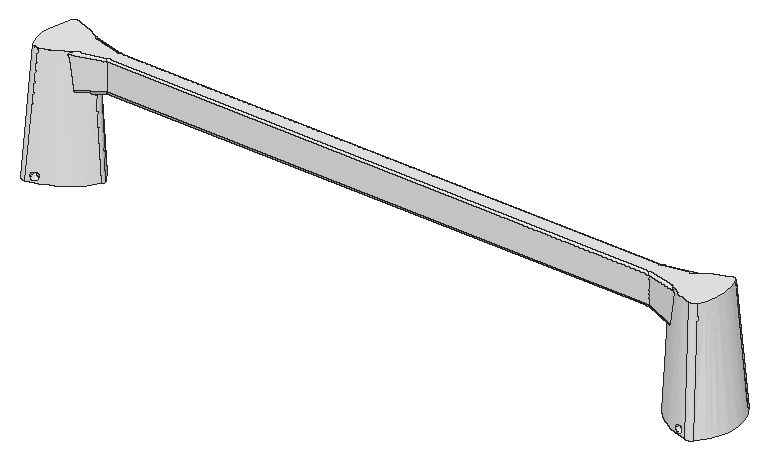
Revit family "FG77418-SUP413763-Chrome", category Generic Models, host Face, Revit 2013
Parameters (values of type "FG77418-SUP413763-Chrome")
  Unit = Metal - Chrome
  URL = "www.deltafaucet.com"
  Model = "FG77418"  # constant formula
  Manufacturer = "Delta"  # constant formula
  Description = "FG77418-SUP413763-Chrome"
  Default Elevation = 1524.00 mm
Reference planes
  plane 1 "Center (Front/Back)": y = 0
  plane 2: z = 0
  plane 3 "Center (Left/Right)": x = 0
Dimensions and locks
  aligned and locked: plane 2 to host face
  aligned and locked: level to host face
  aligned and locked: plane 1 "Center (Front/Back)" to nested 1
  aligned and locked: plane 3 "Center (Left/Right)" to nested 1
  aligned and locked: nested 1 to level
Nested families
  nested 1: "FG77418" at (0, 0, 0), type "FG77418"
Definition of nested family "FG77418"
  Parameters (values of type "FG77418")
    Finish = none
  Reference planes
    plane 1 "Center (Front/Back)": y = 0
    plane 2: z = 0
    plane 3 "Center (Left/Right)": x = 0
    plane 4: through (0, 368.198, 229.941) normal (0, -0.7071, 0.7071)
  Forms (mm)
    Blend 1, solid, material <- "Finish"
      base sketch origin (0, 0, 0) x (1, 0, 0) y (0, 1, 0)
        loop
          arc (607.031, 61.197) -> (601.439, 64.938) -> (594.738, 65.559) r 13.672
          arc (594.738, 65.559) -> (543.133, 45.142) -> (505.178, 4.651) r 126.878
          arc (505.178, 4.651) -> (503.91, 0) -> (505.178, -4.651) r 9.16
          arc (505.178, -4.651) -> (543.197, -45.186) -> (594.892, -65.583) r 126.878
          arc (594.892, -65.583) -> (601.613, -64.949) -> (607.214, -61.181) r 13.692
          arc (607.214, -61.181) -> (630.54, 0.043) -> (607.031, 61.197) r 91.653
      top sketch origin (0, 0, 0) x (1, 0, 0) y (0, 1, 0)
        loop
          arc (598.652, 42.544) -> (593.745, 47.4) -> (586.868, 48) r 10.162
          arc (586.868, 48) -> (550.204, 32.296) -> (519.57, 6.754) r 137.862
          arc (519.57, 6.754) -> (516.987, 0) -> (519.57, -6.754) r 10.12
          arc (519.57, -6.754) -> (550.237, -32.316) -> (586.944, -48.02) r 137.862
          arc (586.944, -48.02) -> (593.792, -47.418) -> (598.676, -42.58) r 10.12
          arc (598.676, -42.58) -> (608.267, -0.015) -> (598.652, 42.544) r 99.124
      from 0 to 209.677
    Blend 2, solid, material <- "Finish"
      base sketch origin (0, 0, 0) x (0, 1, 0) y (0, 0, 1)
        loop
          line (35.226, 209.677) -> (-35.195, 209.677)
          arc (-35.195, 209.677) -> (-39.005, 208.127) -> (-40.65, 204.357) r 5.457
          line (-40.65, 204.357) -> (-42.272, 140.007)
          arc (-42.272, 140.007) -> (0, 147.543) -> (42.272, 140.007) r 122.325
          line (42.272, 140.007) -> (40.65, 204.388)
          arc (40.65, 204.388) -> (39.014, 208.136) -> (35.226, 209.677) r 5.425
      top sketch origin (0, 0, 0) x (0, 1, 0) y (0, 0, 1)
        loop
          line (15.24, 157.463) -> (15.24, 206.006)
          arc (15.24, 206.006) -> (14.165, 208.602) -> (11.569, 209.677) r 3.671
          line (11.569, 209.677) -> (-11.56, 209.677)
          arc (-11.56, 209.677) -> (-14.162, 208.599) -> (-15.24, 205.997) r 3.68
          line (-15.24, 205.997) -> (-15.24, 157.493)
          arc (-15.24, 157.493) -> (-14.165, 154.898) -> (-11.569, 153.822) r 3.671
          line (-11.569, 153.822) -> (11.599, 153.822)
          arc (11.599, 153.822) -> (14.174, 154.889) -> (15.24, 157.463) r 3.641
      from 587.627 to 488.709
    Blend 3, solid, material <- "Finish"
      base sketch origin (0, 0, 0) x (-1, 0, 0) y (0, -1, 0)
        loop
          arc (607.031, -61.197) -> (630.54, -0.043) -> (607.214, 61.181) r 91.653
          arc (607.214, 61.181) -> (601.613, 64.949) -> (594.892, 65.583) r 13.692
          arc (594.892, 65.583) -> (543.197, 45.186) -> (505.178, 4.651) r 126.878
          arc (505.178, 4.651) -> (503.91, 0) -> (505.178, -4.651) r 9.16
          arc (505.178, -4.651) -> (543.133, -45.142) -> (594.738, -65.559) r 126.878
          arc (594.738, -65.559) -> (601.439, -64.938) -> (607.031, -61.197) r 13.672
      top sketch origin (0, 0, 0) x (-1, 0, 0) y (0, -1, 0)
        loop
          arc (598.652, -42.544) -> (608.267, 0.015) -> (598.676, 42.58) r 99.124
          arc (598.676, 42.58) -> (593.792, 47.418) -> (586.944, 48.02) r 10.12
          arc (586.944, 48.02) -> (550.237, 32.316) -> (519.57, 6.754) r 137.862
          arc (519.57, 6.754) -> (516.987, 0) -> (519.57, -6.754) r 10.12
          arc (519.57, -6.754) -> (550.204, -32.296) -> (586.868, -48) r 137.862
          arc (586.868, -48) -> (593.745, -47.4) -> (598.652, -42.544) r 10.162
      from 0 to 209.677
    Blend 4, solid, material <- "Finish"
      base sketch origin (0, 0, 0) x (0, 1, 0) y (0, 0, -1)
        loop
          arc (35.226, -209.677) -> (39.014, -208.136) -> (40.65, -204.388) r 5.425
          line (40.65, -204.388) -> (42.272, -140.007)
          arc (42.272, -140.007) -> (0, -147.543) -> (-42.272, -140.007) r 122.325
          line (-42.272, -140.007) -> (-40.65, -204.357)
          arc (-40.65, -204.357) -> (-39.005, -208.127) -> (-35.195, -209.677) r 5.457
          line (-35.195, -209.677) -> (35.226, -209.677)
      top sketch origin (0, 0, 0) x (0, 1, 0) y (0, 0, -1)
        loop
          arc (15.24, -157.463) -> (14.174, -154.889) -> (11.599, -153.822) r 3.641
          line (11.599, -153.822) -> (-11.569, -153.822)
          arc (-11.569, -153.822) -> (-14.165, -154.898) -> (-15.24, -157.493) r 3.671
          line (-15.24, -157.493) -> (-15.24, -205.997)
          arc (-15.24, -205.997) -> (-14.162, -208.599) -> (-11.56, -209.677) r 3.68
          line (-11.56, -209.677) -> (11.569, -209.677)
          arc (11.569, -209.677) -> (14.165, -208.602) -> (15.24, -206.006) r 3.671
          line (15.24, -206.006) -> (15.24, -157.463)
      from 587.627 to 488.709
    Extrusion 5, solid, material <- "Finish"
      sketch origin (0, 0, 0) x (0, 1, 0) y (0, 0, 1)
        loop
          line (15.24, 157.463) -> (15.24, 206.006)
          arc (15.24, 206.006) -> (14.165, 208.602) -> (11.569, 209.677) r 3.671
          line (11.569, 209.677) -> (-11.56, 209.677)
          arc (-11.56, 209.677) -> (-14.162, 208.599) -> (-15.24, 205.997) r 3.68
          line (-15.24, 205.997) -> (-15.24, 157.493)
          arc (-15.24, 157.493) -> (-14.165, 154.898) -> (-11.569, 153.822) r 3.671
          line (-11.569, 153.822) -> (11.599, 153.822)
          arc (11.599, 153.822) -> (14.174, 154.889) -> (15.24, 157.463) r 3.641
      from -488.709 to 488.709
    Extrusion 6, void
      sketch origin (0, 0, 0) x (1, 0, 0) y (0, 0, 1)
        loop
          circle (580.663, 9.583) r 6.998
      from 50.945 to 66.282
    Extrusion 7, void
      sketch origin (0, 0, 0) x (-1, 0, 0) y (0, 0, -1)
        loop
          circle (580.663, -9.583) r 6.998
      from 50.945 to 66.282
  Cuts and joins
    Extrusion 6, Extrusion 7 cuts Blend 1
    Extrusion 6, Extrusion 7 cuts Blend 2
    Extrusion 7 cuts Blend 3
    joined: Blend 1, Blend 2, Blend 3, Blend 4, Extrusion 5
